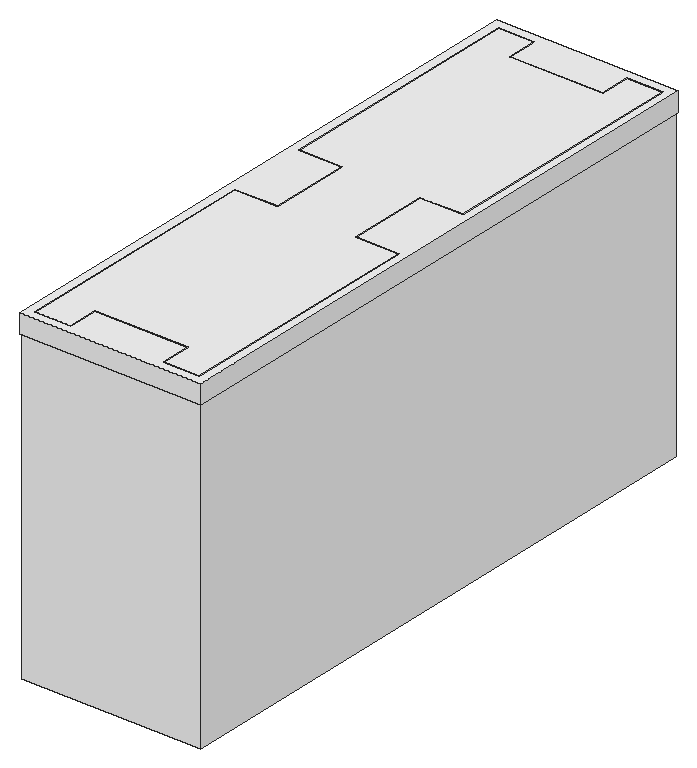
Revit family "NBS_CordekLtd_DschrgeAndVntltngStackTrmntns_GroundLevelVentBox-CGV-018", category Specialty Equipment, Revit 2014
Parameters (values of type "CGV-018")
  Width = 150.00 mm
  Weight = "n/a"
  WarrantyStartDate [instance] = "1900-12-31T23:59:59"
  WarrantyGuarantorParts = "n/a"
  WarrantyGuarantorLabor = "n/a"
  WarrantyDurationUnit = "year"
  WarrantyDurationParts = "n/a"
  WarrantyDurationLabor = "n/a"
  WarrantyDescription = "n/a"
  Version = "1"  # constant formula
  VentBoxMaterial = NBS_Concept
  VentBoxLidMaterial = NBS_Concept_Slotted
  Uniclass2015Version = "Products v1.1"  # constant formula
  Uniclass2015Reference = "Pr_65_52_61_23"
  Uniclass2015Description = "Discharge and ventilating stack terminations"
  Uniclass2 = "90-62-24/422"
  TagNumber [instance] = "n/a"
  SustainabilityPerformance = "n/a"
  Size = "500 x 150 x 275 mm"
  Shape = "Rectangular"
  SerialNumber [instance] = "n/a"
  Revision = "n/a"
  ReplacementCost = "n/a"
  Reference = "n/a"
  ProductInformation = "www.cordek.com/uploads/data_sheets/M-DS32_ground_level_vent_box_data_sheet_v2_cordek.pdf"
  NominalWidth = Width  # 150.00 mm
  NominalLength = Length  # 500.00 mm
  NominalHeight = Height  # 275.00 mm
  Name = "DischargeAndVentilatingStackTerminations_GroundLevelVentBox-CGV-018_CordekLtd"
  NBSTypeID = "n/a"
  NBSReference = "90-10-60/437"
  NBSOfficeMasterTag = "n/a"
  NBSNote = "n/a"
  NBSDescription = "Discharge and ventilating stack terminations"
  NBSCertification = "http://www.nationalbimlibrary.com/cert/paluw1nj"
  ModelReference = "Ground Level Vent Box - CGV-018"
  ModelNumber = "CGV-018"
  Material = "Lid: Stainless steel"
  ManufacturerURL = "www.cordek.com"
  ManufacturerName = "Cordek Ltd"  # constant formula
  Manufacturer = "info@cordek.com"  # constant formula
  Length = 500.00 mm
  InstallationDate [instance] = "1900-12-31T23:59:59"
  IfcExportType = "NOTDEFINED"  # constant formula
  IfcExportAs = "IfcStackTerminalType"  # constant formula
  Height = 275.00 mm
  Grade = "n/a"
  FreeAirFlow = "19200 mm²"
  Finish = "n/a"
  Features = "Side connection into vent box prevents surface water from entering the gas inlet, base connection to stormwater collection, land drainage or soakaway system, removable mesh over drain outlet to prevent blockage by debris"
  ExpectedLife = "n/a"
  DurationUnit = "year"
  Description = "Ground level vent box with stainless steel slotted lid"
  Constituents = "n/a"
  ConnectionSizes = "Gas inlet: 110 mm; Water outlet: 110 mm"
  ColourOptions = "n/a"
  Color = "n/a"
  CodePerformance = "n/a"
  Category = "Pr_65_52_61_23:Discharge and ventilating stack terminations"
  BarCode [instance] = "n/a"
  BIMObjectName = "NBS_CordekLtd_DischargeAndVentilatingStackTerminations_GroundLevelVentBox-CGV-018"
  Author = "NBS"  # constant formula
  AssetType = "Fixed"
  AssetIdentifier [instance] = "n/a"
  Arrangement = "Ground level vent box with slotted lid"
  Accessories = "n/a"
  AccessibilityPerformance = "n/a"
Reference planes
  plane 1 "Center (Front/Back)": y = 0
  plane 2: z = 0
  plane 3 "Center (Left/Right)": x = 0
  plane 4: y = -364
  plane 5: z = -110
  plane 6 "Back": y = -504
  plane 7 "Front": y = -4
  plane 8 "Left": x = -75
  plane 9 "Right": x = 75
  plane 10: z = -275
  plane 11: y = -254
Forms (mm)
  Extrusion 1, solid, material "NBS_Concept" <- "VentBoxMaterial"
    sketch origin (0, 0, 0) x (1, 0, 0) y (0, 1, 0)
      loop
        line (-75, -6) -> (-75, -504) -> (75, -504) -> (75, -6) -> (73, -6) -> (73, -502) -> (-73, -502) -> (-73, -6) -> (-75, -6)
    from -275 to -15
  Extrusion 2, solid, material "NBS_Concept" <- "VentBoxMaterial"
    sketch origin (0, 0, 0) x (1, 0, 0) y (0, 1, 0)
      loop
        line (-73, -6) -> (-73, -502) -> (73, -502) -> (73, -6) -> (-73, -6)
      loop
        circle (0, -364) r 52.5
    from -275 to -273
  Revolve 3, solid, material "NBS_Concept" <- "VentBoxMaterial", detail levels fine
    sketch origin (0, 0, 0) x (0, 1, 0) y (0, 0, 1)
      loop
        line (-309, -275) -> (-311.5, -275) -> (-311.5, -279) -> (-309, -279) -> (-309, -275)
      axis (-364, -275) -> (-364, -279)
    angle from 0 to 360
  Revolve 4, solid, material "NBS_Concept" <- "VentBoxMaterial", detail levels fine
    sketch origin (0, 0, 0) x (0, 1, 0) y (0, 0, 1)
      loop
        line (0, -55) -> (-4, -55) -> (-4, -57.5) -> (0, -57.5) -> (0, -55)
      axis (-4, -110) -> (0, -110)
    angle from 0 to 360
  Extrusion 5, solid, material "NBS_Concept" <- "VentBoxMaterial"
    sketch origin (0, 0, 0) x (1, 0, 0) y (0, 0, 1)
      loop
        line (-75, -15) -> (-75, -275) -> (75, -275) -> (75, -15) -> (-75, -15)
      loop
        circle (0, -110) r 52.5
    from 4 to 6
  Extrusion 6, solid, material "NBS_Concept" <- "VentBoxMaterial", detail levels fine
    sketch origin (0, 0, 0) x (1, 0, 0) y (0, 1, 0)
      loop
        line (-76, -505) -> (76, -505) -> (76, -3) -> (-76, -3) -> (-76, -505)
      loop
        line (-69, -10.245) -> (-69, -220.144) -> (-33, -220.144) -> (-33, -287.856) -> (-69, -287.856) -> (-69, -497.755) -> (-39, -497.755) -> (-39, -472.518) -> (39, -472.518) -> (39, -497.755) -> (69, -497.755) -> (69, -287.856) -> (33, -287.856) -> (33, -220.144) -> (69, -220.144) -> (69, -10.245) -> (39, -10.245) -> (39, -35.482) -> (-39, -35.482) -> (-39, -10.245) -> (-69, -10.245)
    from 0 to 1
  Extrusion 7, solid, material "NBS_Concept" <- "VentBoxMaterial", detail levels fine
    sketch origin (0, 0, 0) x (1, 0, 0) y (0, 1, 0)
      loop
        line (-76, -3) -> (-76, -505) -> (76, -505) -> (76, -3) -> (-76, -3)
      loop
        line (75, -504) -> (75, -4) -> (-75, -4) -> (-75, -504) -> (75, -504)
    from 0 to -15
  Extrusion 8, solid, material "NBS_Concept" <- "VentBoxMaterial", detail levels coarse+medium
    sketch origin (0, 0, 0) x (1, 0, 0) y (0, 1, 0)
      loop
        line (-76, -3) -> (-76, -505) -> (76, -505) -> (76, -3) -> (-76, -3)
    from -15 to 1
  Extrusion 9, solid, material "NBS_Concept_Slotted" <- "VentBoxLidMaterial", detail levels fine
    sketch origin (0, -0.356, 0) x (1, 0, 0) y (0, 1, 0)
      loop
        line (-69, -9.889) -> (-69, -219.788) -> (-33, -219.788) -> (-33, -287.5) -> (-69, -287.5) -> (-69, -497.399) -> (-39, -497.399) -> (-39, -472.162) -> (39, -472.162) -> (39, -497.399) -> (69, -497.399) -> (69, -287.5) -> (33, -287.5) -> (33, -219.788) -> (69, -219.788) -> (69, -9.889) -> (39, -9.889) -> (39, -35.126) -> (-39, -35.126) -> (-39, -9.889) -> (-69, -9.889)
    from 0 to 1
  Extrusion 10, void
    sketch origin (0, 0, 0) x (1, 0, 0) y (0, 1, 0)
      loop
        line (-76, 0) -> (-76, -505) -> (76, -505) -> (76, 0) -> (-76, 0)
    from 0 to -279
Cuts and joins
  joined: Extrusion 1, Extrusion 2, Extrusion 5
  joined: Extrusion 6, Extrusion 7
Lines and regions (mm)
  model lines, detail levels coarse+medium
    curve 1: line (69, -497.755, 1) -> (-69, -497.755, 1)
    curve 2: line (-69, -497.755, 1) -> (-69, -10.245, 1)
    curve 3: line (-69, -10.245, 1) -> (69, -10.245, 1)
    curve 4: line (69, -10.245, 1) -> (69, -497.755, 1)
Dimensions and locks
  locked: plane 7 "Front" to plane 1 "Center (Front/Back)" at 4
  "Length": plane 6 "Back" to plane 7 "Front"
  equal spacing: plane 8 "Left", plane 3 "Center (Left/Right)", plane 9 "Right"
  "Width": plane 8 "Left" to plane 9 "Right"
  locked: level to plane 5 at 110
  "Height": level to plane 10
  locked: plane 6 "Back" to plane 4 at 140
  locked: plane 8 "Left" to Extrusion 1 sketch curve at 2
  locked: Extrusion 1 sketch curve to plane 9 "Right" at 2
  locked: plane 6 "Back" to Extrusion 1 sketch curve at 2
  locked: Extrusion 1 sketch curve to plane 7 "Front" at 2  (x2)
  equal spacing: plane 6 "Back", plane 11, plane 7 "Front"
  aligned and locked: level to plane 2
  aligned and locked: plane 4 to Revolve 3 sketch curve
  aligned and locked: plane 5 to Revolve 4 sketch curve
  aligned and locked: plane 3 "Center (Left/Right)" to Extrusion 2 sketch curve
  aligned and locked: plane 4 to Extrusion 2 sketch curve
  aligned and locked: plane 3 "Center (Left/Right)" to Extrusion 5 sketch curve
  aligned and locked: plane 5 to Extrusion 5 sketch curve
  aligned and locked: Extrusion 5 to Extrusion 1
  aligned and locked: Extrusion 6 to level
  aligned and locked: Extrusion 9 to level
  aligned and locked: cut or joined group of Extrusion 6, Extrusion 7 to Extrusion 9
  aligned and locked: plane 1 "Center (Front/Back)" to Extrusion 10 sketch curve
  aligned and locked: Extrusion 10 sketch curve to Extrusion 8  (x2)
  aligned and locked: Extrusion 10 to Revolve 3
  aligned and locked: level to Extrusion 10
Automatic sketch dimensions
  Extrusion 1 sketch curve to plane 8 "Left" = 0.00 mm
  plane 6 "Back" to Extrusion 1 sketch curve = 0.00 mm
  Extrusion 1 sketch curve to plane 9 "Right" = 0.00 mm
  Extrusion 2 sketch curve to plane 8 "Left" = 2.00 mm
  plane 9 "Right" to Extrusion 2 sketch curve = 2.00 mm
  Extrusion 2 sketch curve to plane 6 "Back" = 2.00 mm
  plane 7 "Front" to Extrusion 2 sketch curve = 2.00 mm
  plane 10 to Revolve 3 sketch curve = 0.00 mm
  plane 4 to Revolve 3 sketch curve = 52.50 mm
  Revolve 3 sketch curve to Revolve 3 sketch curve = 2.50 mm
  Revolve 3 sketch curve to Revolve 3 sketch curve = 4.00 mm
  plane 10 to Revolve 3 sketch curve = 52.00 mm
  Revolve 3 sketch curve to plane 10 = 2.00 mm
  Revolve 4 sketch curve to plane 7 "Front" = 0.00 mm
  Revolve 4 sketch curve to plane 1 "Center (Front/Back)" = 0.00 mm
  plane 5 to Revolve 4 sketch curve = 52.50 mm
  Revolve 4 sketch curve to Revolve 4 sketch curve = 2.50 mm
  plane 7 "Front" to Revolve 4 sketch curve = 2.00 mm
  Revolve 4 sketch curve to plane 1 "Center (Front/Back)" = 96.00 mm
  plane 8 "Left" to Extrusion 5 sketch curve = 0.00 mm
  Extrusion 5 sketch curve to level = 15.00 mm
  plane 9 "Right" to Extrusion 5 sketch curve = 0.00 mm
  Extrusion 5 sketch curve to plane 10 = 0.00 mm
  plane 7 "Front" to Extrusion 7 sketch curve = 0.00 mm
  Extrusion 7 sketch curve to plane 8 "Left" = 0.00 mm
  Extrusion 7 sketch curve to plane 9 "Right" = 0.00 mm
  plane 6 "Back" to Extrusion 7 sketch curve = 0.00 mm
  plane 8 "Left" to Extrusion 7 sketch curve = 1.00 mm
  Extrusion 7 sketch curve to plane 9 "Right" = 1.00 mm
  plane 6 "Back" to Extrusion 7 sketch curve = 1.00 mm
  Extrusion 7 sketch curve to plane 7 "Front" = 1.00 mm
  plane 8 "Left" to Extrusion 8 sketch curve = 1.00 mm
  Extrusion 8 sketch curve to plane 9 "Right" = 1.00 mm
  plane 6 "Back" to Extrusion 8 sketch curve = 1.00 mm
  Extrusion 8 sketch curve to plane 7 "Front" = 1.00 mm
  plane 8 "Left" to Extrusion 6 sketch curve = 1.00 mm
  Extrusion 6 sketch curve to plane 8 "Left" = 6.00 mm  (x2)
  Extrusion 6 sketch curve to plane 8 "Left" = 36.00 mm
  Extrusion 6 sketch curve to plane 6 "Back" = 6.245 mm  (x2)
  Extrusion 6 sketch curve to Extrusion 6 sketch curve = 30.00 mm
  plane 7 "Front" to Extrusion 6 sketch curve = 6.245 mm  (x2)
  plane 9 "Right" to Extrusion 6 sketch curve = 36.00 mm  (x2)
  plane 9 "Right" to Extrusion 6 sketch curve = 6.00 mm  (x2)
  Extrusion 6 sketch curve to plane 9 "Right" = 1.00 mm
  plane 6 "Back" to Extrusion 6 sketch curve = 1.00 mm
  Extrusion 6 sketch curve to Extrusion 6 sketch curve = 25.237 mm  (x2)
  plane 4 to Extrusion 6 sketch curve = 76.144 mm
  Extrusion 6 sketch curve to Extrusion 6 sketch curve = 0.00 mm  (x2)
  Extrusion 6 sketch curve to Extrusion 6 sketch curve = 67.712 mm
  Extrusion 6 sketch curve to plane 7 "Front" = 1.00 mm
  Extrusion 6 sketch curve to plane 3 "Center (Left/Right)" = 33.00 mm
  plane 3 "Center (Left/Right)" to Extrusion 6 sketch curve = 33.00 mm
  plane 7 "Front" to Extrusion 9 sketch curve = 6.245 mm  (x2)
  plane 9 "Right" to Extrusion 9 sketch curve = 144.00 mm  (x2)
  Extrusion 9 sketch curve to plane 6 "Back" = 6.245 mm  (x2)
  Extrusion 9 sketch curve to Extrusion 9 sketch curve = 30.00 mm  (x3)
  Extrusion 9 sketch curve to Extrusion 9 sketch curve = 36.00 mm  (x2)
  Extrusion 9 sketch curve to Extrusion 9 sketch curve = 66.00 mm
  Extrusion 9 sketch curve to Extrusion 9 sketch curve = 78.00 mm  (x2)
  Extrusion 9 sketch curve to plane 6 "Back" = 31.482 mm
  plane 4 to Extrusion 9 sketch curve = 76.144 mm
  Extrusion 9 sketch curve to Extrusion 9 sketch curve = 0.00 mm
  Extrusion 9 sketch curve to Extrusion 9 sketch curve = 67.712 mm  (x2)
  Extrusion 9 sketch curve to Extrusion 9 sketch curve = 25.237 mm
  Extrusion 10 sketch curve to plane 9 "Right" = 1.00 mm
  curve 1 to Extrusion 8 = 7.00 mm
  curve 1 to Extrusion 8 = 7.245 mm
  curve 3 to Extrusion 8 = 7.245 mm
  curve 3 to Extrusion 8 = 7.00 mm
  radius of Extrusion 2 sketch curve = 52.50 mm
  radius of Extrusion 5 sketch curve = 52.50 mm
Connectors
  piping at (0, -364, -275), diameter 110
    settings: on cut or joined group of Extrusion 1, Extrusion 2, Extrusion 5, index 1, connector inside diameter 609.6 mm, connector length 0.00 mm, flow factor 0, pipe flow 0.0 L/s, pressure drop 0.0 Pa, fitting loss kfactor 0, connector angle 0.00°, fixture units 0, engagement length 0.00 mm, angle of deflection 0.00°, flow configuration 0, flow direction 2, fitting loss method 0, system type 17, joint type 0, gender type 0, connector reference index -1, connector utility 0, adjustable connector no, is connector primary yes, connector description ""
  piping at (0, -4, -110), diameter 110
    settings: on cut or joined group of Extrusion 1, Extrusion 2, Extrusion 5, index 2, connector inside diameter 609.6 mm, connector length 0.00 mm, flow factor 0, pipe flow 0.0 L/s, pressure drop 0.0 Pa, fitting loss kfactor 0, connector angle 0.00°, fixture units 0, engagement length 0.00 mm, angle of deflection 0.00°, flow configuration 0, flow direction 1, fitting loss method 0, system type 17, joint type 0, gender type 0, connector reference index -1, connector utility 0, adjustable connector no, is connector primary no, connector description ""
